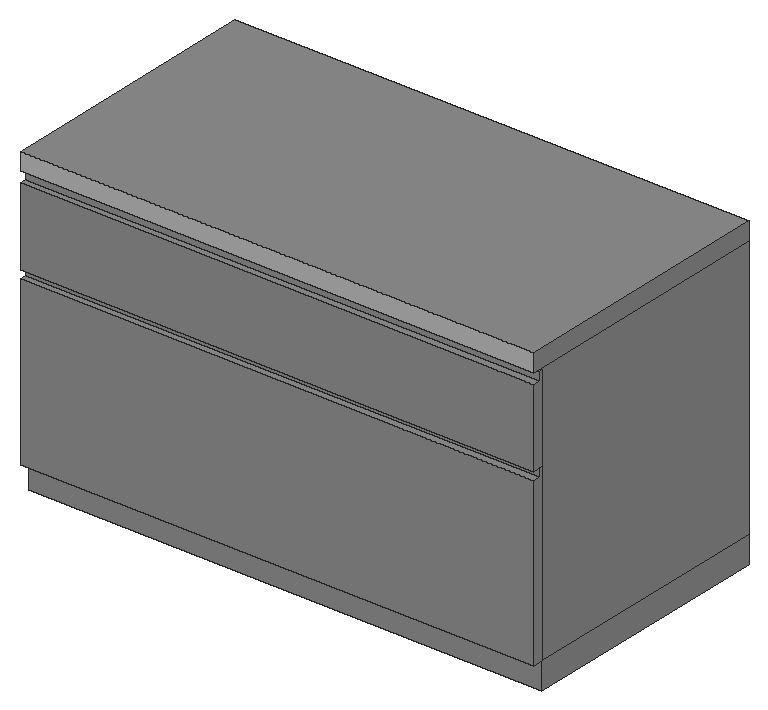
Revit family "Haworth_XSeries_LateralFile_21h", category Furniture Systems, Revit 2019
Family settings
  Round Connector Dimension = Use Diameter
  Part Type = Normal
  OmniClass Number = 23.40.70.14.64.21
  OmniClass Title = Systems Furniture
  Work Plane-Based = No
  Always vertical = Yes
  Cut with Voids When Loaded = No
  Shared = No
  Room Calculation Point = No
Parameters (values of type "18d 36w 21h - Proud Style")
  Width = 36"
  Warranty = "https://cdn.shopify.com/s/files/1/0561/5304/7249/files/Haworth_North_America_Online_Warranty_2022.pdf?v=1660247284"
  URL - Product = "https://www.haworth.com/na/en/products/active-storage/x-series.html"
  URL = "http://www.haworth.com/"
  Taper Pull = no
  Sustainability Info = "https://www.haworth.com/na/en/expertise/research/sustainability.html"
  Size = "Verify Final Dim. w/ Haworth"  # constant formula
  Second Drawer Height = 6"  # constant formula
  Revision Number = "2"  # constant formula
  Radius Pull = no
  Pull Finish = Haworth _ Paint _ Smoke
  Pull Classic = no
  Proud Style = not(Inset Style)  # yes
  Proud Offset = if(Proud Style, 3/4", 0")  # 3/4"
  Open = no
  Not Open = not(Open)  # yes
  Model = "JLPD"  # constant formula
  Min. Width = 29 7/8"  # constant formula
  Max. Width = 47 7/8"  # constant formula
  Min. Height = 27 1/2"  # constant formula
  Max. Height = 63 1/2"  # constant formula
  Manufacturer = "Haworth"  # constant formula
  Lockbar Finish [instance] = Haworth _ Paint _ Smoke
  Linear Pull = no
  J Pull = yes
  Inset Style = no
  Front Finish [instance] = Haworth _ Paint _ Graphite
  Ellipse Pull = no
  Drawer Width = if(Proud Style, Actual Width, Actual Width - 1 1/2")  # 35 7/8"
  Drawer Height = 12 3/16"  # constant formula
  Drawer 4 = Actual # of Drawers > 3  # no
  Drawer 3 = Actual # of Drawers > 2  # no
  Description = "Haworth XSeries Lateral File - 18d 36w 21h - Proud Style"
  Custom Size = not(or(Width = 30", Width = 36", Width = 42"))  # no
  Crescent Pull = no
  Cabinet Height = 21 1/2"  # constant formula
  Cabinet Finish [instance] = Haworth _ Paint _ Graphite
  Author = "Haworth (Hampton)"  # constant formula
  Assembly Code = "E2020200"
  Actual Width = if(Width < Min. Width, Min. Width, if(Width > Max. Width, Max. Width, Width - 1/8"))  # 35 7/8"
  Actual Height = Cabinet Height  # 21 1/2"
  Actual # of Drawers = 2  # constant formula
  Actual Depth = if(Inset Style, 18", 18 3/4")  # 18 3/4"
  Standard Widths = "30, 36, 42 in."  # constant formula
  Max # of Drawers = 5  # constant formula
  # of Drawers = 2  # constant formula
Reference planes (in)
  plane 1 "Back": y = 0
  plane 2: z = 0
  plane 3 "Center L/R": x = 0
  plane 4 "Left": x = -17.9375
  plane 5 "Right": x = 17.9375
  plane 6 "Back of Drawer": y = -18
  plane 7 "Front": y = -18.75
  plane 8 "Top": z = 21.5
  plane 9 "Bottom of Top": z = 20.25
  plane 10 "Bottom of Cabinet": z = 0
  plane 11 "feet back": y = -0.75
  plane 12 "feet front": y = -16
  plane 13 "Feet Right": x = 15.9375
  plane 14 "Feet Left": x = -15.9375
  plane 15 "Bottom Drawer": z = 1.875
  plane 16 "Left Inside": x = -17.1875
  plane 17 "Right Inside": x = 17.1875
  plane 18: y = -18
  plane 19 "Center F/B": y = -9
Forms (in)
  Extrusion 1, solid, material "Haworth _ Paint _ Graphite" <- "Cabinet Finish"
    sketch origin (114.68227, -6.06265, 0) x (1, 0, 0) y (0, 1, 0)
      loop
        line (-132.61977, 6.06265) -> (-132.61977, -11.93735) -> (-131.86977, -11.93735) -> (-131.86977, 5.31265) -> (-97.49477, 5.31265) -> (-97.49477, -11.93735) -> (-96.74477, -11.93735) -> (-96.74477, 6.06265) -> (-132.61977, 6.06265)
    from 1.875 to 20.25
  Extrusion 2, solid, material "Haworth _ Paint _ Graphite" <- "Cabinet Finish"
    sketch origin (0, 0, 0) x (1, 0, 0) y (0, 1, 0)
      loop
        line (-17.9375, 0) -> (-17.9375, -18.75) -> (17.9375, -18.75) -> (17.9375, 0) -> (-17.9375, 0)
    from 20.25 to 21.5
  Extrusion 3, solid, material "Haworth _ Paint _ Graphite" <- "Cabinet Finish"
    sketch origin (0, 0, -18.75) x (1, 0, 0) y (0, 1, 0)
      loop
        line (-17.9375, 0) -> (-17.9375, -18) -> (17.9375, -18) -> (17.9375, 0) -> (-17.9375, 0)
    from 18.75 to 20.625
  Extrusion 4, solid, material "Haworth _ Paint _ Graphite" <- "Cabinet Finish", visible <- "Open"
    sketch origin (6.54074, -6.54074, 0) x (1, 0, 0) y (0, 1, 0)
      loop
        line (-23.72824, 5.79074) -> (-23.72824, -11.45926) -> (10.64676, -11.45926) -> (10.64676, 5.79074) -> (-23.72824, 5.79074)
    from 13.5 to 14.0625
Lines and regions (in)
  Masking region 1
    outline origin (0, 0, 0) x (1, 0, 0) y (0, 1, 0)
      loop
        line (-17.9375, 0) -> (-17.9375, -18.75) -> (17.9375, -18.75) -> (17.9375, 0) -> (-17.9375, 0)
Dimensions and locks (in)
  locked: plane 6 "Back of Drawer" to plane 7 "Front" at 0.75
  "Actual Depth": plane 1 "Back" to plane 7 "Front"
  "Actual Width": plane 4 "Left" to plane 5 "Right"
  locked: plane 8 "Top" to plane 9 "Bottom of Top" at 1.25
  equal spacing: plane 4 "Left", plane 3 "Center L/R", plane 5 "Right"
  locked: plane 13 "Feet Right" to plane 5 "Right" at 2
  locked: plane 4 "Left" to plane 14 "Feet Left" at 2
  locked: plane 12 "feet front" to plane 6 "Back of Drawer" at 2
  locked: plane 1 "Back" to plane 11 "feet back" at 0.75
  locked: plane 15 "Bottom Drawer" to plane 10 "Bottom of Cabinet" at 1.875
  "Actual Height": plane 8 "Top" to level
  "Cabinet Height": plane 8 "Top" to plane 10 "Bottom of Cabinet"
  locked: plane 16 "Left Inside" to plane 4 "Left" at 0.75
  locked: plane 5 "Right" to plane 17 "Right Inside" at 0.75
  "Proud Offset": plane 18 to plane 7 "Front"
  equal spacing: plane 18, plane 19 "Center F/B", plane 1 "Back"
  aligned and locked: plane 1 "Back" to Extrusion 1 sketch curve
  aligned and locked: Extrusion 1 to plane 4 "Left"
  aligned and locked: Extrusion 1 to plane 5 "Right"
  aligned and locked: plane 9 "Bottom of Top" to Extrusion 1
  aligned and locked: plane 4 "Left" to Extrusion 2 sketch curve
  aligned and locked: plane 1 "Back" to Extrusion 2 sketch curve
  aligned and locked: plane 5 "Right" to Extrusion 2 sketch curve
  aligned and locked: plane 7 "Front" to Extrusion 2 sketch curve
  aligned and locked: plane 8 "Top" to Extrusion 2
  aligned and locked: Extrusion 2 to plane 9 "Bottom of Top"
  aligned and locked: plane 3 "Center L/R" to nested 1
  aligned and locked: nested 1 to plane 6 "Back of Drawer"
  aligned and locked: level to plane 2
  aligned and locked: plane 15 "Bottom Drawer" to nested 1
  aligned and locked: plane 5 "Right" to Extrusion 1 sketch curve
  aligned and locked: plane 4 "Left" to Extrusion 1 sketch curve
  aligned and locked: Extrusion 1 sketch curve to plane 18  (x2)
  aligned and locked: Extrusion 1 sketch curve to plane 16 "Left Inside"
  aligned and locked: Extrusion 1 sketch curve to plane 17 "Right Inside"
  aligned and locked: Extrusion 1 to plane 15 "Bottom Drawer"
  aligned and locked: plane 10 "Bottom of Cabinet" to Extrusion 3
  aligned and locked: plane 15 "Bottom Drawer" to Extrusion 3
  aligned and locked: plane 4 "Left" to Extrusion 3 sketch curve
  aligned and locked: plane 5 "Right" to Extrusion 3 sketch curve
  aligned and locked: plane 6 "Back of Drawer" to Extrusion 3 sketch curve
  aligned and locked: plane 1 "Back" to Extrusion 3 sketch curve
  aligned and locked: Masking region 1 sketch curve to Extrusion 2  (x2)
  aligned and locked: Extrusion 2 to Masking region 1 sketch curve
  aligned and locked: nested 1 to nested 2
  aligned and locked: Extrusion 1 to plane 11 "feet back"
  aligned and locked: plane 3 "Center L/R" to nested 2
  aligned and locked: nested 2 to plane 7 "Front"
  aligned and locked: Extrusion 4 to plane 16 "Left Inside"
  aligned and locked: plane 17 "Right Inside" to Extrusion 4
  aligned and locked: plane 11 "feet back" to Extrusion 4
  aligned and locked: Extrusion 4 to plane 18
Automatic sketch dimensions
  Extrusion 1 sketch curve to plane 11 "feet back" = 0"
  plane 1 "Back" to Masking region 1 sketch curve = 0"
  plane 14 "Feet Left" to Extrusion 4 sketch curve = 1 1/4"
  plane 5 "Right" to Extrusion 4 sketch curve = 3/4"
  plane 7 "Front" to Extrusion 4 sketch curve = 3/4"
  plane 19 "Center F/B" to Extrusion 4 sketch curve = 8 1/4"
Nested families (in)
  nested 1: "Haworth_Drawer" at (0, -18, 1.875), Drawer Height <- "Drawer Height", type "Haworth_Drawer"
    with J Pull Drawer yes, Drawer Height 12 3/16", Pull Height 1 7/16", Pull Ellipse no, J Pull yes, Drawer Width 35 7/8", Flush Drawer no
  nested 2: "Haworth_Drawer" at (0, -18, 14.0625), Drawer Height <- "Second Drawer Height", visible <- "Not Open", type "Haworth_Drawer 2"
    with J Pull Drawer yes, Drawer Height 6", Pull Height 1 7/16", Pull Ellipse no, J Pull yes, Drawer Width 35 7/8", Flush Drawer no
Definition of nested family "Haworth_Drawer"
  Parameters
    Pull Taper = no
    Pull Radius = no
    Pull Patterns = no
    Pull Linear = no
    Pull Height = if(Pull Ellipse, 11/64", if(Pull Radius, 1 3/16", if(Pull Taper, 3/4", 1 7/16")))  # 11/64"
    Pull Finish = none
    Pull Ellipse = yes
    Pull Crescent = no
    Pull Classic = no
    J Pull Drawer [instance] = J Pull  # no
    J Pull = no
    Integral Pull Location = if(Integral Pull, 3 5/8", 1")  # 1"
    Integral Pull = no
    Front Finish = none
    Drawer Width = 14 7/8"
    Flush Drawer = not(J Pull)  # yes
    Drawer Height [instance] = 12"
    Drawer Finish = none
    Assembly Code = ""
  Reference planes (in)
    plane 1 "Drawer Back": y = 0
    plane 2: z = 0
    plane 3 "Center L/R": x = 0
    plane 4 "Drawer Front": y = -0.75
    plane 5 "Left": x = -7.4375
    plane 6 "Right": x = 7.4375
    plane 7 "Top": z = 12
    plane 8: y = -4
    plane 9: y = -3
    plane 10 "Integral Top": z = 11.54688
    plane 11 "Pull Location": z = 11.82813
    plane 12 "Integral Bottom": z = 12.10937
  Forms (in)
    Extrusion 1, solid, material <- "Drawer Finish", visible <- "J Pull Drawer"
      sketch origin (-7.4375, 0, 0) x (0, 1, 0) y (0, 0, 1)
        loop
          line (0, 12) -> (-0.25, 12) -> (-0.25, 11.4375) -> (-0.75, 11.4375) -> (-0.75, 0) -> (0, 0) -> (0, 12)
      from 0 to 14.875
    Extrusion 2, solid, material <- "Drawer Finish", visible <- "Flush Drawer"
      sketch origin (-7.4375, 0, 2.25) x (0, 1, 0) y (0, 0, 1)
        loop
          line (0, 9.75) -> (-0.75, 9.75) -> (-0.75, -2.25) -> (0, -2.25) -> (0, 9.75)
      from 0 to 14.875
    Extrusion 3, void
      sketch origin (0, -0.75, 0) x (-1, 0, 0) y (0, 0, 1)
        loop
          line (4, 11.54688) -> (4, 12.10937) -> (-4, 12.10937) -> (-4, 11.54688) -> (4, 11.54688)
      from -3.25 to -2.25
  Cuts and joins
    Extrusion 3 cuts Extrusion 1
    Extrusion 3 cuts Extrusion 2
  Dimensions and locks (in)
    equal spacing: plane 5 "Left", plane 3 "Center L/R", plane 6 "Right"
    "Drawer Width": plane 5 "Left" to plane 6 "Right"
    locked: plane 1 "Drawer Back" to plane 4 "Drawer Front" at 0.75
    "Drawer Height": plane 7 "Top" to level
    locked: plane 8 to plane 1 "Drawer Back" at 4
    "Integral Pull Location": plane 8 to plane 9
    equal spacing: Extrusion 3 sketch curve, plane 3 "Center L/R", Extrusion 3 sketch curve
    locked: Extrusion 3 sketch curve to Extrusion 3 sketch curve at 8
    "Pull Height": plane 7 "Top" to plane 11 "Pull Location"
    equal spacing: plane 12 "Integral Bottom", plane 11 "Pull Location", plane 10 "Integral Top"
    locked: plane 12 "Integral Bottom" to plane 10 "Integral Top" at 0.5625
    aligned and locked: Extrusion 1 sketch curve to plane 1 "Drawer Back"
    aligned and locked: Extrusion 1 sketch curve to plane 2
    aligned and locked: Extrusion 1 sketch curve to plane 4 "Drawer Front"
    aligned and locked: Extrusion 1 to plane 6 "Right"
    aligned and locked: Extrusion 2 to plane 6 "Right"
    aligned and locked: plane 1 "Drawer Back" to Extrusion 2 sketch curve
    aligned and locked: plane 7 "Top" to Extrusion 2 sketch curve
    aligned and locked: level to Extrusion 2 sketch curve
    aligned and locked: Extrusion 2 sketch curve to plane 4 "Drawer Front"
    aligned: plane 7 "Top" to nested 1
    aligned: Extrusion 3 to plane 8
    aligned: plane 9 to Extrusion 3
    aligned and locked: nested 1 to plane 4 "Drawer Front"
    aligned and locked: plane 12 "Integral Bottom" to Extrusion 3 sketch curve
    aligned and locked: nested 1 to plane 11 "Pull Location"
    aligned and locked: plane 3 "Center L/R" to nested 1
    aligned and locked: plane 9 to Extrusion 3
  Automatic sketch dimensions
    Extrusion 1 sketch curve to plane 7 "Top" = 0"
    plane 1 "Drawer Back" to Extrusion 1 sketch curve = 1/4"
    Extrusion 1 sketch curve to Extrusion 1 sketch curve = 9/16"
    Extrusion 3 sketch curve to plane 10 "Integral Top" = 0"
  Nested families (in)
    nested 1: "Haworth_Drawer-Pulls" at (0, -0.75, 11.82813), type "Pull", detail levels medium+fine
      with Linear no, Ellipse yes
  Definition of nested family "Haworth_Drawer-Pulls"
    Parameters
      Taper = no
      Radius = no
      Patterns = no
      Linear = yes
      Handle Finish = none
      Ellipse = no
      Cresent = no
      Classic = no
      Assembly Code = ""
    Reference planes (in)
      plane 1 "Center Front/Back": y = 0
      plane 2: z = 0
      plane 3 "Center Left/Right": x = 0
    Forms (in)
      Extrusion 1, solid, material <- "Handle Finish", visible <- "Ellipse"
        sketch origin (0, 0, 0.15915) x (0, 1, 0) y (0, 0, 1)
          loop
            arc (-0.03015, 0) -> (-0.26713, -0.02983) -> (-0.49038, -0.11475) r 1.00501
            arc (-0.49038, -0.11475) -> (-0.65216, -0.22112) -> (-0.78985, -0.35725) r 0.97894
            arc (-0.78985, -0.35725) -> (-0.87314, -0.47263) -> (-0.94033, -0.59807) r 1.0667
            arc (-0.94033, -0.59807) -> (-0.90977, -0.66145) -> (-0.84562, -0.63254) r 0.05041
            arc (-0.84562, -0.63254) -> (-0.67669, -0.39049) -> (-0.44702, -0.20509) r 1.04885
            arc (-0.44702, -0.20509) -> (-0.35012, -0.16094) -> (-0.24858, -0.12892) r 0.8735
            arc (-0.24858, -0.12892) -> (-0.16053, -0.15188) -> (-0.11419, -0.23018) r 0.11948
            arc (-0.11419, -0.23018) -> (-0.0664, -0.27738) -> (0, -0.26729) r 0.07488
            line (0, -0.26729) -> (0, -0.05102) -> (-0.03015, 0)
        from -6.51863 to 6.51698
      Extrusion 2, void
        sketch origin (0, 0, 0.15915) x (1, 0, 0) y (0, 1, 0)
          loop
            line (-6.49996, 0) -> (-6.67266, 0) -> (-6.67266, -1.11616) -> (6.67266, -1.11616) -> (6.67266, 0) -> (6.49996, 0)
            arc (6.49996, 0) -> (6.46575, -0.17809) -> (6.37201, -0.33332) r 0.51574
            arc (6.37201, -0.33332) -> (6.23583, -0.44508) -> (6.07096, -0.50713) r 0.54076
            arc (6.07096, -0.50713) -> (4.5721, -0.7479) -> (3.05951, -0.87689) r 20.46435
            arc (3.05951, -0.87689) -> (0, -0.95029) -> (-3.05951, -0.87689) r 63.79827
            arc (-3.05951, -0.87689) -> (-4.5721, -0.7479) -> (-6.07096, -0.50713) r 20.46435
            arc (-6.07096, -0.50713) -> (-6.23583, -0.44508) -> (-6.37201, -0.33332) r 0.54076
            arc (-6.37201, -0.33332) -> (-6.46575, -0.17809) -> (-6.49996, 0) r 0.51574
        from 0 to -0.90865
      Blend 3, solid, material <- "Handle Finish", visible <- "Radius"
        base sketch origin (0, 0, 0.3125) x (0, 1, 0) y (0, 0, -1)
          loop
            line (0, 0) -> (0, 0.625) -> (-0.40339, 0.625)
            arc (-0.40339, 0.625) -> (-0.71589, 0.3125) -> (-0.40339, 0) r 0.3125
            line (-0.40339, 0) -> (0, 0)
        top sketch origin (0, 0, 0.3125) x (0, 1, 0) y (0, 0, -1)
          loop
            line (0, 0) -> (0, 0.625) -> (-0.77884, 0.625)
            arc (-0.77884, 0.625) -> (-1.09134, 0.3125) -> (-0.77884, 0) r 0.3125
            line (-0.77884, 0) -> (0, 0)
        from -4.875 to -3.625
      Sweep 4, solid, material <- "Handle Finish", visible <- "Radius"
        path origin (0, 0, 0) x (1, 0, 0) y (0, 1, 0)
          loop
            arc (-4.875, -0.71589) -> (0, -1.5425) -> (4.875, -0.71589) r 14.78881
        profile origin (0, -1.5425, 0) x (0, 1, 0) y (0, 0, 1)
          loop
            circle (0.3125, 0) r 0.30469
      Extrusion 5, solid, material <- "Handle Finish", visible <- "Taper"
        sketch origin (0, 0, 0.27281) x (0, 1, 0) y (0, 0, 1)
          loop
            line (0, 0) -> (-0.875, 0)
            arc (-0.875, 0) -> (-0.96339, -0.03661) -> (-1, -0.125) r 0.125
            line (-1, -0.125) -> (-1, -0.7) -> (-0.96886, -0.7) -> (-0.96886, -0.1251)
            arc (-0.96886, -0.1251) -> (-0.94137, -0.05874) -> (-0.875, -0.03125) r 0.09386
            line (-0.875, -0.03125) -> (-0.03125, -0.03125) -> (-0.03125, -0.53) -> (0, -0.53) -> (0, 0)
        from -6.5565 to 6.5565
      Extrusion 6, void
        sketch origin (0, 0, 0.27281) x (1, 0, 0) y (0, 0, 1)
          loop
            arc (-5.23353, -0.7191) -> (-5.99714, -0.52453) -> (-6.57454, 0.01172) r 1.59575
            line (-6.57454, 0.01172) -> (-6.85981, 0.01172) -> (-6.85981, -1) -> (6.85981, -1) -> (6.85981, 0.01172) -> (6.57454, 0.01172)
            arc (6.57454, 0.01172) -> (5.99714, -0.52453) -> (5.23353, -0.7191) r 1.59575
            line (5.23353, -0.7191) -> (-5.23353, -0.7191)
        from 0 to 2.20115
      Sweep 7, solid, material <- "Handle Finish", visible <- "Cresent"
        path origin (0, 0, 0.125) x (1, 0, 0) y (0, 1, 0)
          loop
            arc (-3.80272, 0.04) -> (0, -1.24998) -> (3.80273, 0.04) r 6.25
        profile origin (0, -1.24998, 0.125) x (0, 1, 0) y (0, 0, 1)
          loop
            circle (0.125, -0.125) r 0.125
      Extrusion 8, void
        sketch origin (0, 0, 0.125) x (1, 0, 0) y (0, 1, 0)
          loop
            line (-3.94545, 0) -> (3.94399, 0) -> (3.94399, 0.32073) -> (-3.94545, 0.32073) -> (-3.94545, 0)
        from 0.03472 to -0.28458
      Extrusion 9, solid, material <- "Handle Finish", visible <- "Linear"
        sketch origin (0, 0, 0.125) x (1, 0, 0) y (0, 1, 0)
          loop
            line (-4, 0) -> (-4, -1.25) -> (4, -1.25) -> (4, 0) -> (3, 0) -> (3, -1) -> (-3, -1) -> (-3, 0) -> (-4, 0)
        from 0 to -0.25
      Extrusion 10, solid, material <- "Handle Finish", visible <- "Classic"
        sketch origin (0, 0, 0.375) x (1, 0, 0) y (0, 0, 1)
          loop
            line (-3.375, 0) -> (-3.375, -0.75)
            arc (-3.375, -0.75) -> (-3, -0.375) -> (-3.375, 0) r 0.375
        from 0 to 1
      Extrusion 11, solid, material <- "Handle Finish", visible <- "Classic"
        sketch origin (0, 0, 0.375) x (-1, 0, 0) y (0, 0, -1)
          loop
            arc (-3.375, 0) -> (-3, 0.375) -> (-3.375, 0.75) r 0.375
            line (-3.375, 0.75) -> (-3.375, 0)
        from 0 to 1
      Extrusion 12, solid, material <- "Handle Finish", visible <- "Classic"
        sketch origin (0, 0, 0.375) x (1, 0, 0) y (0, 0, 1)
          loop
            line (-3.375, 0) -> (-3.375, -0.75) -> (3.375, -0.75) -> (3.375, 0) -> (-3.375, 0)
        from 1 to 1.25
      Blend 13, solid, material <- "Handle Finish", visible <- "Radius"
        base sketch origin (0, 0, 0.3125) x (0, 1, 0) y (0, 0, 1)
          loop
            line (0, 0) -> (-0.40339, 0)
            arc (-0.40339, 0) -> (-0.71589, -0.3125) -> (-0.40339, -0.625) r 0.3125
            line (-0.40339, -0.625) -> (0, -0.625) -> (0, 0)
        top sketch origin (0, 0, 0.3125) x (0, 1, 0) y (0, 0, 1)
          loop
            line (0, 0) -> (-0.77884, 0)
            arc (-0.77884, 0) -> (-1.09134, -0.3125) -> (-0.77884, -0.625) r 0.3125
            line (-0.77884, -0.625) -> (0, -0.625) -> (0, 0)
        from -4.875 to -3.625
      Extrusion 14, solid, material <- "Handle Finish", visible <- "Patterns"
        sketch origin (0, 0, 0.27281) x (0, 1, 0) y (0, 0, 1)
          loop
            line (0, 0) -> (-0.875, 0)
            arc (-0.875, 0) -> (-0.96339, -0.03661) -> (-1, -0.125) r 0.125
            line (-1, -0.125) -> (-1, -0.7) -> (-0.96886, -0.7) -> (-0.96886, -0.1251)
            arc (-0.96886, -0.1251) -> (-0.94137, -0.05874) -> (-0.875, -0.03125) r 0.09386
            line (-0.875, -0.03125) -> (-0.03125, -0.03125) -> (-0.03125, -0.53) -> (0, -0.53) -> (0, 0)
        from -4 to 4
    Cuts and joins
      Extrusion 2 cuts Extrusion 1
      joined: Extrusion 10, Extrusion 11, Extrusion 12
      Extrusion 6 cuts Extrusion 5
      Extrusion 8 cuts Sweep 7
      joined: Blend 3, Sweep 4, Blend 13
